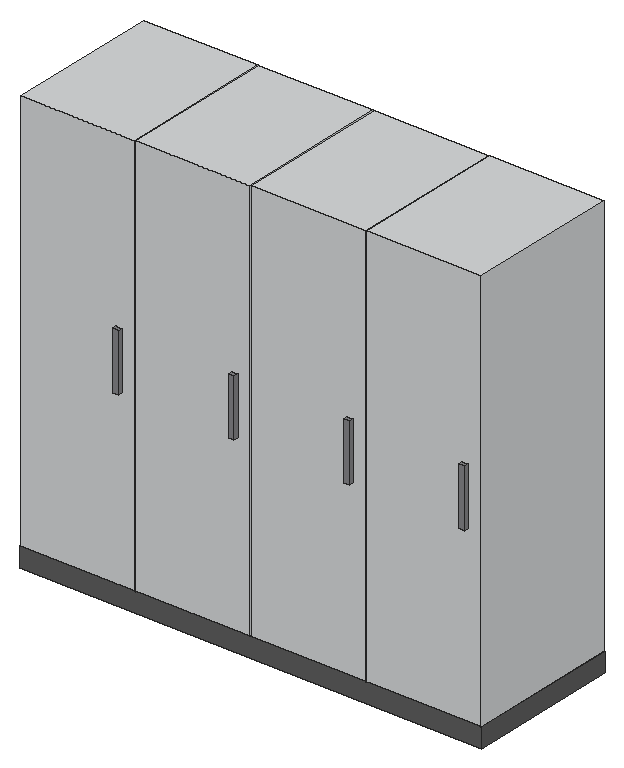
Revit family "LVMDP Switchboard 4 Cubicle", category Electrical Equipment, Revit 2025
Family settings
  Panel Configuration = Two Columns, Circuits Across
  Round Connector Dimension = Use Diameter
  Part Type = Panelboard
  OmniClass Number = 23.80.30.11.17
  OmniClass Title = Distribution Boards and Control Panels
  Work Plane-Based = No
  Always vertical = Yes
  Cut with Voids When Loaded = No
  Maintain Annotation Orientation = No
  Shared = No
  Room Calculation Point = No
Parameters (values of type "1250A 400V 4P")
  built-in parameter 1140142 [instance] = -1
  built-in parameter 1140140 [instance] = 1 (stored number, unit not read)
  built-in parameter 1155100 [instance] = -1
  Default Elevation = 0 mm
Reference planes
  plane 1 "Center (Front/Back)": y = 0
  plane 2: z = 0
  plane 3 "Center (Left/Right)": x = 0
Forms (mm)
  Extrusion 1, solid, material "Switchboard Plinth - Black"
    sketch origin (0, 0, 0) x (1, 0, 0) y (0, 1, 0)
      loop
        line (-1200, -400) -> (1200, -400) -> (1200, 400) -> (-1200, 400) -> (-1200, -400)
    from 0 to 100
  Extrusion 2, solid, material "Switchboard - Light Grey"
    sketch origin (0, 0, 100) x (1, 0, 0) y (0, 1, 0)
      loop
        line (-1197, -400) -> (-603, -400) -> (-603, 400) -> (-1197, 400) -> (-1197, -400)
    from 0 to 2100
  Extrusion 3, solid, material "Switchboard Door Handle"
    sketch origin (0, 0, 1000) x (1, 0, 0) y (0, 1, 0)
      loop
        line (-700, -420) -> (-670, -420) -> (-670, -400) -> (-700, -400) -> (-700, -420)
    from 0 to 300
  Extrusion 4, solid, material "Switchboard - Light Grey"
    sketch origin (0, 0, 100) x (1, 0, 0) y (0, 1, 0)
      loop
        line (-597, -400) -> (-3, -400) -> (-3, 400) -> (-597, 400) -> (-597, -400)
    from 0 to 2100
  Extrusion 5, solid, material "Switchboard Door Handle"
    sketch origin (0, 0, 1000) x (1, 0, 0) y (0, 1, 0)
      loop
        line (-100, -420) -> (-70, -420) -> (-70, -400) -> (-100, -400) -> (-100, -420)
    from 0 to 300
  Extrusion 6, solid, material "Switchboard - Light Grey"
    sketch origin (0, 0, 100) x (1, 0, 0) y (0, 1, 0)
      loop
        line (3, -400) -> (597, -400) -> (597, 400) -> (3, 400) -> (3, -400)
    from 0 to 2100
  Extrusion 7, solid, material "Switchboard Door Handle"
    sketch origin (0, 0, 1000) x (1, 0, 0) y (0, 1, 0)
      loop
        line (500, -420) -> (530, -420) -> (530, -400) -> (500, -400) -> (500, -420)
    from 0 to 300
  Extrusion 8, solid, material "Switchboard - Light Grey"
    sketch origin (0, 0, 100) x (1, 0, 0) y (0, 1, 0)
      loop
        line (603, -400) -> (1197, -400) -> (1197, 400) -> (603, 400) -> (603, -400)
    from 0 to 2100
  Extrusion 9, solid, material "Switchboard Door Handle"
    sketch origin (0, 0, 1000) x (1, 0, 0) y (0, 1, 0)
      loop
        line (1100, -420) -> (1130, -420) -> (1130, -400) -> (1100, -400) -> (1100, -420)
    from 0 to 300
Dimensions and locks
  aligned and locked: level to plane 2
Connectors
  electrical at (0, 0, 100)
    settings: on Extrusion 1, index 1, voltage 400 V, apparent load 0 VA, apparent load phase1 0 VA, apparent load phase2 0 VA, apparent load phase3 0 VA, power factor 1, load classification "Other", number of poles 3, system type 31, power factor state 1, is connector primary yes, connector utility no, sub classification motor no, connector description ""
